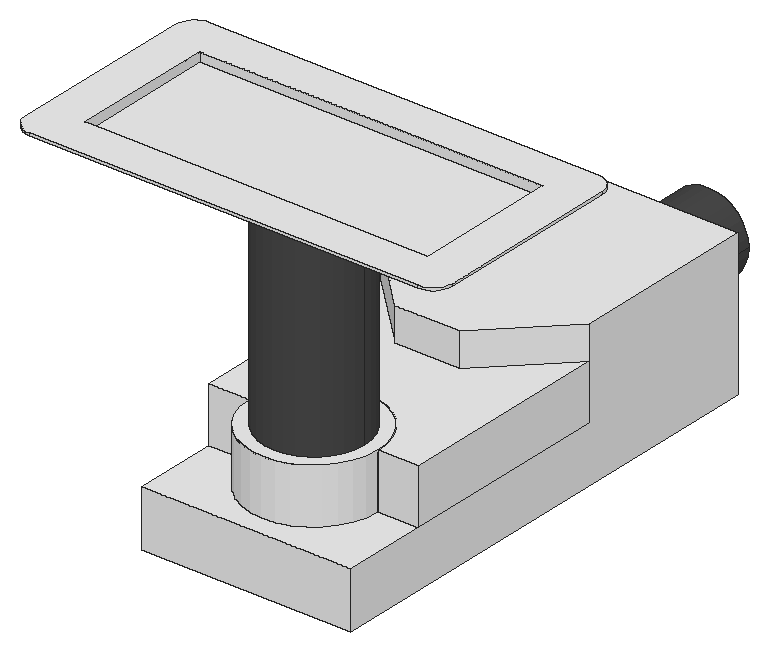
Revit family "CleanLine serisi duş kanalları için Geberit montaj seti, girişte 90–220 mm şap yüksekliği için_PRO_170941", category Plumbing Fixtures, Revit 2018
Family settings
  Round Connector Dimension = Use Diameter
  Part Type = Normal
  OmniClass Number = 23.70.50.21.24
  OmniClass Title = Waste Water Drains
  Work Plane-Based = No
  Always vertical = Yes
  Cut with Voids When Loaded = No
  Shared = No
  Room Calculation Point = Yes
Parameters (values of type "154.150.00.1 CleanLine serisi duş kanalları için Geberit montaj seti, girişte 90–220 mm şap yüksekliği için")
  Type = "d50"  # constant formula
  Product brand = ""
  Name = "CleanLine serisi duş kanalları için Geberit montaj seti, girişte 90–220 mm şap yüksekliği için"
  l1 [instance] = L1 - L  # 58 mm
  l [instance] = L - 52 mm  # 248 mm
  Main material 01 = Geberit_PE-HD, Black
  Main material = Geberit_Plastic, White
  drain_pipe_angle [instance] = 90.00°
  height [instance] = 220 mm
  height1 [instance] = if(height = 16 mm, 16 mm, if(height < 16 mm, 16 mm, if(height = 63 mm, 63 mm, if(height > 63 mm, 63 mm, height))))  # 63 mm
  Angle [instance] = if(drain_pipe_angle < 45.00°, 45.00°, if(drain_pipe_angle > 90.00°, 90.00°, drain_pipe_angle))  # 90.00°
  GEB_translations = "{\"ATT_10673\":\"EAN code basic data\",\"applicationPurposes\":\"Application purposes\",\"application_range\":\"Application range\",\"brandName\":\"Brand\",\"characteristics\":\"Characteristics\",\"content_creator\":\"BIM Content creator\",\"content_date_changed\":\"BIM Content revision date\",\"content_version\":\"BIM Content Version\",\"key 1000\":\"Article number key\",\"name\":\"Name\",\"productBrand\":\"Product brand\",\"type\":\"Type\",\"GEB_connection_diameter1\":\"Connection diameter 1\",\"angle\":\"Angle\",\"ATT_10753\":\"Drenaj kapasitesi\",\"fixed_material\":\"Main material\",\"fixed_material_01\":\"Main material 01\",\"ATT_10931\":\"B\",\"ATT_10935\":\"d, ø\",\"ATT_10951\":\"H\",\"ATT_10952\":\"h\",\"ATT_10953\":\"H1\",\"ATT_10966\":\"L\",\"ATT_10969\":\"L1\",\"GEB_accessories\":\"Accessories\"}"
  GEB_size_min = 90 mm
  GEB_size_max = 220 mm
  GEB_pimversion = "22.02.12"
  GEB_flow_outlet [instance] = Drenaj kapasitesi  # 0.8 L/s
  GEB_culture = "tr-TR"
  Connection diameter 1 = if(GEB_imperial_engineering, size_lookup("waste_DNimperial_sizes", "cd", 25.4 mm, [d, ø]), [d, ø])  # 50 mm
  GEB_Article_Number [instance] = if(LOD300, "n/a", Article number key)  # "154.150.00.1"
  L1 = 358 mm
  L = 300 mm
  calc_height [instance] = if(height < GEB_size_min, GEB_size_min, if(height > GEB_size_max, GEB_size_max, if(height = 220 mm, 220 mm, height)))  # 220 mm
  H1 = "9-22 cm"
  h = 42 mm
  H = 90 mm
  d, ø = 50 mm
  Article number key = "154.150.00.1"
  BIM Content Version = "GEB MG 1.2"  # constant formula
  BIM Content revision date = "2020.04.30"  # constant formula
  BIM Content creator = "Geberit"  # constant formula
  Characteristics = "EN 1253-3 uyarınca kalite kontrollü\nÖnceden monte edilmiş izolasyon bezi\nSızdırmazlık sistemleri bağlantısı için 10 cm çevreleyen izolasyon bezi\nAkustik izolasyon ve sifon bağlantısı için EPS ana ünite"
  Brand = "Geberit"
  Application range = "Floor drainage system"  # constant formula
  Application purposes = "CleanLine serisi Geberit duş kanallarında drenaj için\nKompozit contalar için\nGirişte ≥ 90 mm şap yükseklikleri için"
  Waste Connection = 1 = 1  # yes
  WFU = 0
  Vent Connection = 1 = 0  # no
  Model = if(LOD300, GEB_generic_model, Type)  # "d50"
  Manufacturer = if(LOD300, GEB_generic_manufacturer, Brand)  # "Geberit"
  LOD400 = not(LOD300)  # yes
  LOD300 = no
  IfcExportType = "USERDEFINED"  # constant formula
  IfcExportAs = "IfcSanitaryTerminal"  # constant formula
  IfcDescription = Description  # "CleanLine serisi duş kanalları için Geberit montaj seti, girişte 90–220 mm şap yüksekliği için"
  HW Connection = 1 = 0  # no
  GEB_use_DN = yes
  GEB_reference = "PRO_170941"  # constant formula
  GEB_processing_type = "T"  # constant formula
  GEB_metric_engineering = yes
  GEB_key_rules = "1000 [Articles.ArticlesList.Key]\r\n2000 [Name], d[ATT_10935]mm\r\n3000 [ATT_10673]"
  GEB_imperial_engineering = not(GEB_metric_engineering)  # no
  GEB_generic_model = "horizontal outlet"
  GEB_generic_manufacturer = "generic"
  GEB_generic_description = "installation set for shower channels"
  Accessories = ""
  ETIM_class = ""  # constant formula
  ETIM_MC = ""  # constant formula
  Description = if(LOD300, GEB_generic_description, Name)  # "CleanLine serisi duş kanalları için Geberit montaj seti, girişte 90–220 mm şap yüksekliği için"
  CW Connection = 1 = 0  # no
  B = 130 mm
  Drenaj kapasitesi = 0.8 L/s
  EAN code basic data = "4025416364498"
Reference planes
  plane 1 "Center (Front/Back)": y = 0
  plane 2: z = 0
  plane 3 "Center (Left/Right)": x = 0
  plane 4: z = 28.5
  plane 5: x = -109
  plane 6: x = -106.5
  plane 7: x = 106.5
  plane 8: x = 109
  plane 9: y = 47.2
  plane 10: y = -47.2
  plane 11: y = 70
  plane 12: y = -70
  plane 13: x = -132.5
  plane 14: x = 156.02
  plane 15: x = 132.5
  plane 16: z = -1.5
  plane 17: z = -8
  plane 18: z = -220
  plane 19: z = -130
  plane 20: x = -40
  plane 21: z = -185
  plane 22: y = 182.14
  plane 23: y = -52.2
  plane 24: y = 88
  plane 25: x = -20
  plane 26: x = 20
  plane 27: z = -163
  plane 28: z = -178
Forms (mm)
  Extrusion 1, solid, material "Geberit_Plastic, White" <- "Main material", detail levels medium+fine
    sketch origin (0, 0, 0) x (1, 0, 0) y (0, 1, 0)
      loop
        arc (-120.5, 70) -> (-128.985, 66.485) -> (-132.5, 58) r 12
        line (-132.5, 58) -> (-132.5, -58)
        arc (-132.5, -58) -> (-128.985, -66.485) -> (-120.5, -70) r 12
        line (-120.5, -70) -> (120.5, -70)
        arc (120.5, -70) -> (128.985, -66.485) -> (132.5, -58) r 12
        line (132.5, -58) -> (132.5, 58)
        arc (132.5, 58) -> (128.985, 66.485) -> (120.5, 70) r 12
        line (120.5, 70) -> (-120.5, 70)
    from 0 to -1.5
  Extrusion 2, solid, material "Geberit_Plastic, White" <- "Main material", detail levels medium+fine
    sketch origin (0, 0, 8) x (1, 0, 0) y (0, 0, 1)
      loop
        line (-109, -16) -> (109, -16) -> (109, -8) -> (-109, -8) -> (-109, -16)
    from -47.2 to 47.2
  Revolve 3, solid, material "Geberit_PE-HD, Black" <- "Main material 01", detail levels medium+fine
    sketch origin (0, 0, 0) x (1, 0, 0) y (0, 0, 1)
      loop
        line (-31.5, -8) -> (-31.5, -171.129) -> (0, -171.129) -> (0, -8) -> (-31.5, -8)
      axis (0, -8) -> (0, -171.129)
    angle from 0 to 360
  Extrusion 4, solid, material "Geberit_Plastic, White" <- "Main material", detail levels medium+fine
    sketch origin (0, 0, -178) x (0, 1, 0) y (0, 0, 1)
      loop
        line (-52.2, -7) -> (-52.2, -42) -> (248, -42) -> (248, -7) -> (-52.2, -7)
    from -65 to 65
  Extrusion 5, solid, material "Geberit_Plastic, White" <- "Main material", detail levels medium+fine
    sketch origin (0, 0, -178) x (0, 1, 0) y (-1, 0, 0)
      loop
        line (248, 65) -> (133, 65) -> (88, 20) -> (88, -20) -> (133, -65) -> (248, -65) -> (248, 65)
    from -7 to 48
  Extrusion 6, solid, material "Geberit_Plastic, White" <- "Main material", detail levels medium+fine
    sketch origin (0, 0, -178) x (0, 1, 0) y (-1, 0, 0)
      loop
        arc (0, 40) -> (40, 0) -> (0, -40) r 40
        line (0, -40) -> (0, -65) -> (132.8, -65) -> (87.8, -20) -> (87.8, 20) -> (132.8, 65) -> (0, 65) -> (0, 40)
    from -7 to 27.368
  Revolve 7, solid, material "Geberit_PE-HD, Black" <- "Main material 01", detail levels medium+fine
    sketch origin (0, 0, -178) x (0, 1, 0) y (-1, 0, 0)
      loop
        line (306, 0) -> (306, 25) -> (248, 25) -> (248, 0) -> (306, 0)
      axis (248, 0) -> (306, 0)
    angle from 0 to 360
  Extrusion 8, solid, material "Geberit_Plastic, White" <- "Main material", detail levels medium+fine
    sketch origin (0, 0, 0) x (1, 0, 0) y (0, 1, 0)
      loop
        circle (0, 0) r 40
      loop
        circle (0, 0) r 31.5
    from -185 to -150.632
  Extrusion 9, void
    sketch origin (0, 0, 0) x (1, 0, 0) y (0, 1, 0)
      loop
        line (-106.5, 44.7) -> (-106.5, -44.7) -> (106.5, -44.7) -> (106.5, 44.7) -> (-106.5, 44.7)
    from 0 to -6
Cuts and joins
  joined: Extrusion 4, Extrusion 5
  Extrusion 9 cuts Extrusion 1
  Extrusion 9 cuts Extrusion 2
  joined: Extrusion 1, Extrusion 2
Lines and regions (mm)
  reference lines
    curve 1: line (0, 0, -178) -> (0, 248, -178)
    curve 2: line (0, 0, -178) -> (0, 306, -178)
  symbolic lines
    curve 3: line (-65, 248, -178) -> (65, 248, -178)
    curve 4: line (-65, -52.2, -178) -> (-65, 248, -178)
    curve 5: line (65, -52.2, -178) -> (-65, -52.2, -178)
    curve 6: line (65, 248, -178) -> (65, -52.2, -178)
    curve 7: line (0, 248, -178) -> (0, 306, -178)
Dimensions and locks
  plane 1 "Center (Front/Back)" to plane 9 = 47.2 mm
  plane 2 to plane 18 = 220 mm
  "H": plane 19 to plane 18
  "calc_height": plane 2 to plane 18
  plane 27 to plane 21 = 22 mm
  Extrusion 4 to curve 1 = 52.2 mm
  "l": curve 1 to curve 1
  "B": Extrusion 5 sketch curve to Extrusion 5 sketch curve
  "B": Extrusion 6 sketch curve to Extrusion 6 sketch curve
  equal spacing: Extrusion 4, curve 1, Extrusion 4
  "B": Extrusion 4 to Extrusion 4
  equal spacing: Extrusion 6 sketch curve, curve 1, Extrusion 6 sketch curve
  equal spacing: Extrusion 5 sketch curve, curve 1, Extrusion 5 sketch curve
  Revolve 7 sketch curve to curve 1 = 25 mm
  "l1": Revolve 7 sketch curve to curve 1
  "h": plane 28 to plane 18
  "l1": curve 1 to curve 2
  locked: plane 21 to plane 18 at 35
  cut or joined group of Extrusion 4, Extrusion 5 to plane 27 = 33 mm
  locked: cut or joined group of Extrusion 4, Extrusion 5 to Extrusion 6 at 20.632
  Extrusion 8 to plane 21 = 34.368 mm
  plane 10 to Extrusion 9 sketch curve = 2.5 mm
  plane 9 to Extrusion 9 sketch curve = 2.5 mm
  "Angle": angle plane 1 "Center (Front/Back)" to curve 1
  angle Extrusion 6 sketch curve to Extrusion 5 = 45.00°
  angle Extrusion 6 sketch curve to Extrusion 5 = 135.00°
  "Angle": angle plane 1 "Center (Front/Back)" to curve 2
  aligned and locked: level to plane 2
  aligned and locked: Extrusion 1 sketch curve to plane 12
  aligned and locked: plane 15 to Extrusion 1 sketch curve
  aligned and locked: Extrusion 1 sketch curve to plane 11
  aligned and locked: Extrusion 1 to plane 16
  aligned and locked: Revolve 3 sketch curve to plane 3 "Center (Left/Right)"
  aligned and locked: Extrusion 4 sketch curve to plane 21
  aligned and locked: plane 18 to Extrusion 4 sketch curve
  aligned and locked: Extrusion 5 to plane 21
  aligned and locked: plane 19 to Extrusion 5
  aligned and locked: plane 1 "Center (Front/Back)" to curve 1
  aligned and locked: plane 3 "Center (Left/Right)" to curve 1
  aligned and locked: curve 1 to Extrusion 5  (x4)
  aligned and locked: curve 1 to Revolve 7 sketch curve
  aligned and locked: Revolve 7 sketch curve to curve 1
  aligned and locked: Extrusion 6 to plane 21
  aligned and locked: plane 1 "Center (Front/Back)" to curve 2
  aligned and locked: plane 3 "Center (Left/Right)" to curve 2
  aligned and locked: Extrusion 4 to Extrusion 5
  aligned and locked: plane 21 to Extrusion 6
  aligned and locked: cut or joined group of Extrusion 4, Extrusion 5 to plane 18
  aligned and locked: Extrusion 8 to plane 21
  aligned and locked: Extrusion 6 to Extrusion 8
  aligned and locked: Extrusion 2 to Revolve 3 sketch curve
Automatic sketch dimensions
  Extrusion 1 sketch curve to plane 13 = 0 mm
  Extrusion 1 sketch curve to plane 5 = 11.5 mm
  plane 9 to Extrusion 1 sketch curve = 10.8 mm
  Extrusion 1 sketch curve to plane 8 = 11.5 mm  (x2)
  Extrusion 4 sketch curve to curve 1 = 52.2 mm
  curve 1 to Extrusion 4 sketch curve = 0 mm
  Extrusion 8 sketch curve to Extrusion 8 sketch curve = 0 mm  (x2)
  plane 1 "Center (Front/Back)" to Extrusion 8 sketch curve = 0 mm
  Extrusion 8 sketch curve to plane 3 "Center (Left/Right)" = 0 mm
  curve 3 to curve 1 = 0 mm
  curve 7 to curve 1 = 0 mm
  curve 3 to curve 1 = 65 mm
  curve 1 to curve 4 = 65 mm
  curve 5 to curve 1 = 52.2 mm
  curve 7 to curve 7 = 58 mm
  Revolve 3 sketch curve to plane 3 "Center (Left/Right)" = 0 mm
  plane 20 to Revolve 3 sketch curve = 8.5 mm
  plane 28 to Revolve 3 sketch curve = 6.871 mm
  Revolve 3 sketch curve to plane 18 = 191.045 mm
  plane 4 to Revolve 3 sketch curve = 2185.815 mm
  Extrusion 2 sketch curve to level = 0 mm
  Extrusion 2 sketch curve to plane 5 = 0 mm
  plane 8 to Extrusion 2 sketch curve = 0 mm
  Extrusion 2 sketch curve to plane 17 = 0 mm
  Extrusion 9 sketch curve to plane 6 = 0 mm
  Extrusion 9 sketch curve to plane 7 = 0 mm
  curve 1 to Extrusion 5 sketch curve = 0 mm
  Extrusion 5 sketch curve to Extrusion 5 sketch curve = 115 mm  (x2)
  Extrusion 5 sketch curve to curve 1 = 20 mm
  Extrusion 5 sketch curve to Extrusion 5 sketch curve = 45 mm
  curve 1 to Extrusion 5 sketch curve = 20 mm
  Extrusion 6 sketch curve to curve 1 = 0 mm  (x2)
  Extrusion 6 sketch curve to curve 1 = 40 mm
  curve 1 to Extrusion 6 sketch curve = 20 mm
  curve 1 to Extrusion 6 sketch curve = 87.8 mm
  Extrusion 6 sketch curve to Extrusion 6 sketch curve = 45 mm  (x2)
  Extrusion 6 sketch curve to curve 1 = 20 mm
  Revolve 7 sketch curve to curve 1 = 0 mm  (x3)
  radius of Extrusion 8 sketch curve = 40 mm
  radius of Extrusion 8 sketch curve = 31.5 mm
Connectors
  piping at (0, 306, -178), diameter 50, driven by "Connection diameter 1", driven by "GEB_flow_outlet"
    settings: on curve 2, index 1, connector inside diameter 609.6 mm, connector length 0 mm, flow factor 0, pipe flow 0.8 L/s, pressure drop 0.0 Pa, fitting loss kfactor 0, connector angle 0.00°, fixture units 0, engagement length 0 mm, angle of deflection 0.00°, flow configuration 1, flow direction 2, fitting loss method 0, system type 16, joint type 0, gender type 0, connector reference index -1, connector utility 0, adjustable connector yes, is connector primary yes, connector description "Outlet d50"
